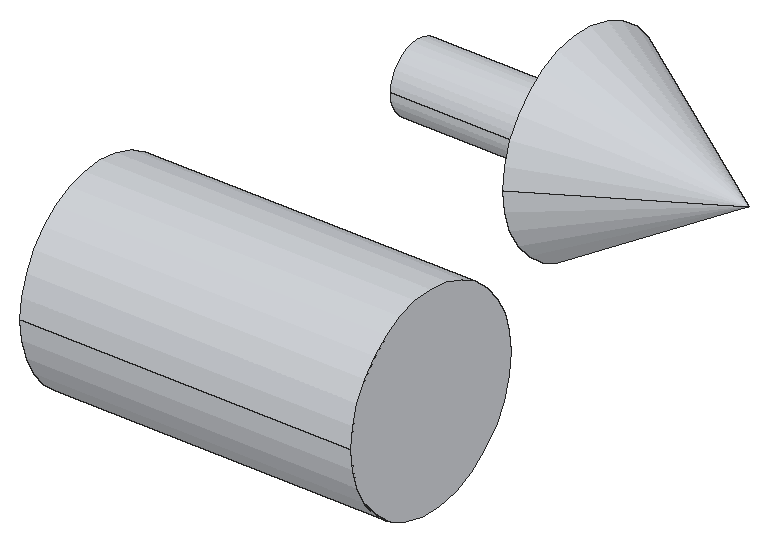
Revit family "Routing Pass Point", category 機械設備, Revit 2021
Family settings
  丸型コネクタ寸法 = 直径を使用
  パーツ タイプ = 標準
  OmniClass 番号 = 23.75.00.00
  OmniClass タイトル = Climate Control (HVAC)
  作業面ベース = いいえ
  常に垂直 = はい
  ロード時にボイドで切り取り = いいえ
  共有 = いいえ
  部屋計算ポイント = いいえ
Parameters
  既定の高さ = 0 mm
  Arent-RoundDuct-MarkupDiameter [instance] = [Arent-RoundDuct-Diameter] + 20 mm  # 30.16 mm
  Arent-RoundDuct-Diameter [instance] = 10.16 mm
Reference planes
  plane 1 "Center (Front/Back)": y = 0
  plane 2: z = 0
  plane 3 "Center (Left/Right)": x = 0
  plane 4: x = -25
  plane 5: x = 25
  plane 6: x = 12.5
  plane 7: y = 60
  plane 8: y = -15.08
  plane 9: y = 15.08
  plane 10: y = 54.92
  plane 11: y = 65.08
Forms (mm)
  Extrusion 1, solid
    sketch origin (0, 0, 0) x (0, 1, 0) y (0, 0, 1)
      loop
        circle (0, 0) r 15.08
    from -25 to 25
  Revolve 2, solid
    sketch origin (0, 0, 0) x (1, 0, 0) y (0, 1, 0)
      loop
        line (25, 60) -> (-25, 60) -> (-25, 54.92) -> (0, 54.92) -> (0, 44.92) -> (25, 60)
      axis (-25, 60) -> (25, 60)
    angle from 0 to 360
Dimensions and locks
  equal spacing: plane 4, plane 3 "Center (Left/Right)", plane 5
  plane 4 to plane 5 = 50 mm
  equal spacing: plane 3 "Center (Left/Right)", plane 6, plane 5
  equal spacing: plane 8, plane 1 "Center (Front/Back)", plane 9
  "Arent-RoundDuct-MarkupDiameter": plane 8 to plane 9
  equal spacing: plane 11, plane 7, plane 10
  plane 11 to plane 9 = 50 mm
  locked: plane 11 to plane 10 at 10.16
  "Arent-RoundDuct-MarkupDiameter": diameter of Extrusion 1 sketch curve
  aligned and locked: level to plane 2
  aligned and locked: Extrusion 1 to plane 4
  aligned and locked: plane 5 to Extrusion 1
  aligned and locked: Revolve 2 sketch curve to plane 7
  aligned and locked: plane 7 to Revolve 2 sketch curve
  aligned and locked: plane 10 to Revolve 2 sketch curve
  aligned and locked: Revolve 2 sketch curve to plane 4
  aligned and locked: Revolve 2 sketch curve to plane 3 "Center (Left/Right)"
Automatic sketch dimensions
  Revolve 2 sketch curve to plane 5 = 0 mm
  Revolve 2 sketch curve to plane 4 = 14.932 mm
  plane 5 to Revolve 2 sketch curve = 30.757 mm
  Revolve 2 sketch curve to Revolve 2 sketch curve = 10 mm
  Extrusion 1 sketch curve to level = 0 mm
  Extrusion 1 sketch curve to plane 1 "Center (Front/Back)" = 0 mm
